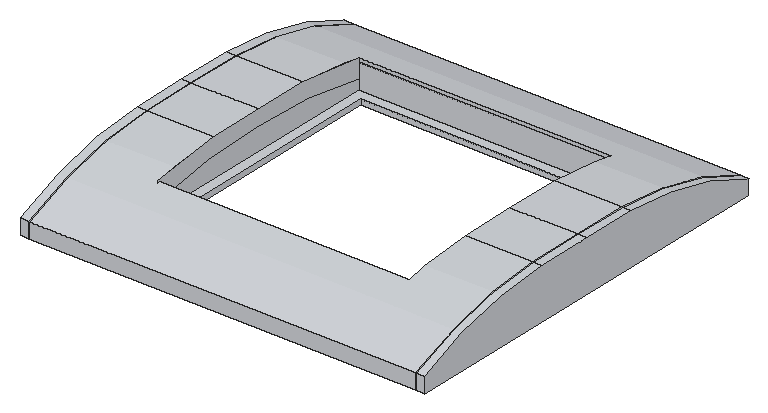
Revit family "Gira_0211334", category Electrical Fixtures, host Face, Revit 2017
Family settings
  Host = Face
  Maintain Annotation Orientation = No
  Round Connector Dimension = Use Diameter
  Part Type = Normal
  Cut with Voids When Loaded = No
  Shared = No
  Room Calculation Point = No
Parameters (values of type "Abdeckrahmen 1f Zwischenr. RW Gira Event Opak Weiß")
  Werkstoffgüte = "Thermoplast"
  Werkstoff = "Kunststoff"
  URL = "http://katalog.gira.de/de_DE/datenblatt.html?artikelnr=0211334"
  Transparent = "No"
  Textfeld/Beschriftungsfläche = "No"
  Schutzart (IP) = "IP20"
  Region = "DE"
  Oberfläche = "sonstige"
  Name = "Abdeckrahmen 1f Zwischenr. RW Gira Event Opak Weiß"
  Montagerichtung = "horizontal und vertikal"
  Mit Montagerahmen = "No"
  Mit Klappdeckel = "No"
  Manufacturer URL = "https://www.gira.de/"
  Keynote = "Event_Rahmen_1fach"
  HeinzeBIM = "https://bimportal.heinze.de/bim/abdeckrahmen-1f-zwischenr-rw-gira-event-opak-weiss/5f986ecaff8371896c5281f0db439a8f90d30bde"
  Halogenfrei = "Yes"
  HAN = "0211334"
  Geeignet für Unterputz-Installation = "Yes"
  Geeignet für Unterflurkanaldose = "No"
  Geeignet für Geräteeinbaukanal = "No"
  Geeignet für Einbauinstallation = "No"
  GTIN = "4010337074380"
  Farbe = "weiß"
  Default Elevation = 1219.2 mm
  Data sheet (1) = "https://katalog.gira.de/de_DE/download.html?artikelnr=0211334"
  Category = "Abdeckrahmen"
  Befestigungsart = "Klemmbefestigung"
  Available = "Yes"
  Anzahl der Einheiten vertikal = "1 "
  Anzahl der Einheiten horizontal = "1 "
  Anzahl der Einheiten = "1 "
Reference planes
  plane 1 "Center (Front/Back)": y = 0
  plane 2: z = 0
  plane 3 "Center (Left/Right)": x = 0
Forms (mm)
  Extrusion 1, solid, detail levels fine
    sketch origin (0, 0, 1.55) x (0, 1, 0) y (0, 0, 1)
      loop
        arc (12.445, 9.683) -> (6.223, 9.833) -> (0, 9.85) r 291.636
        arc (0, 9.85) -> (-6.223, 9.833) -> (-12.445, 9.683) r 291.636
        arc (-12.445, 9.683) -> (-29.14, 7.482) -> (-45, 1.823) r 79.728
        line (-45, 1.823) -> (-45, -1.55) -> (-41.777, -1.55) -> (-41.777, -0.55)
        arc (-41.777, -0.55) -> (-21.205, 4.846) -> (0, 6.467) r 118.15
        arc (0, 6.467) -> (21.205, 4.846) -> (41.777, -0.55) r 118.15
        line (41.777, -0.55) -> (41.777, -1.55) -> (45, -1.55) -> (45, 1.823)
        arc (45, 1.823) -> (29.14, 7.482) -> (12.445, 9.683) r 79.728
    from -43 to 43
  Extrusion 2, void, detail levels fine
    sketch origin (0, 0, 0) x (1, 0, 0) y (0, 1, 0)
      loop
        line (-28, -28) -> (28, -28) -> (28, 28) -> (-28, 28) -> (-28, -28)
    from 2.85 to 12
  Extrusion 3, solid, detail levels coarse
    sketch origin (0, 0, 0) x (1, 0, 0) y (0, 1, 0)
      loop
        line (-45, 45) -> (-45, -45) -> (45, -45) -> (45, 45) -> (-45, 45)
    from 0 to 11.4
  Extrusion 4, solid, detail levels medium
    sketch origin (0, 0, 1.55) x (0, 1, 0) y (0, 0, 1)
      loop
        arc (12.445, 9.683) -> (6.223, 9.833) -> (0, 9.85) r 291.636
        arc (0, 9.85) -> (-6.223, 9.833) -> (-12.445, 9.683) r 291.636
        arc (-12.445, 9.683) -> (-29.14, 7.482) -> (-45, 1.823) r 79.728
        line (-45, 1.823) -> (-45, -1.55) -> (45, -1.55) -> (45, 1.823)
        arc (45, 1.823) -> (29.14, 7.482) -> (12.445, 9.683) r 79.728
    from -45 to 45
  Extrusion 5, solid, detail levels fine
    sketch origin (0, 0, 0) x (0, 1, 0) y (0, 0, 1)
      loop
        arc (45, 3.373) -> (29.14, 9.032) -> (12.445, 11.233) r 79.728
        arc (12.445, 11.233) -> (6.223, 11.383) -> (0, 11.4) r 291.636
        arc (0, 11.4) -> (-6.223, 11.383) -> (-12.445, 11.233) r 291.636
        arc (-12.445, 11.233) -> (-29.14, 9.032) -> (-45, 3.373) r 79.728
        line (-45, 3.373) -> (-45, 0) -> (45, 0) -> (45, 3.373)
    from 43 to 45
  Extrusion 6, solid, detail levels fine
    sketch origin (0, 0, 0) x (0, 1, 0) y (0, 0, -1)
      loop
        line (45, -3.373) -> (45, 0) -> (-45, 0) -> (-45, -3.373)
        arc (-45, -3.373) -> (-29.14, -9.032) -> (-12.445, -11.233) r 79.728
        arc (-12.445, -11.233) -> (-6.223, -11.383) -> (0, -11.4) r 291.636
        arc (0, -11.4) -> (6.223, -11.383) -> (12.445, -11.233) r 291.636
        arc (12.445, -11.233) -> (29.14, -9.032) -> (45, -3.373) r 79.728
    from 43 to 45
  Extrusion 7, solid, detail levels fine
    sketch origin (0, 0, 0) x (1, 0, 0) y (0, 1, 0)
      loop
        line (-25.7, 25.7) -> (-25.7, -25.7) -> (25.7, -25.7) -> (25.7, 25.7) -> (-25.7, 25.7)
      loop
        line (-29.495, 27.895) -> (-29.495, -27.895)
        spline (-29.495, -27.895) -> (-29.486, -28.025) -> (-29.461, -28.154) -> (-29.419, -28.278) -> (-29.361, -28.395) -> (-29.288, -28.504) -> (-29.202, -28.602) -> (-29.104, -28.688) -> (-28.995, -28.761) -> (-28.878, -28.819) -> (-28.754, -28.861) -> (-28.625, -28.886) -> (-28.495, -28.895)
        line (-28.495, -28.895) -> (28.495, -28.895)
        spline (28.495, -28.895) -> (28.625, -28.886) -> (28.754, -28.861) -> (28.878, -28.819) -> (28.995, -28.761) -> (29.104, -28.688) -> (29.202, -28.602) -> (29.288, -28.504) -> (29.361, -28.395) -> (29.419, -28.278) -> (29.461, -28.154) -> (29.486, -28.025) -> (29.495, -27.895)
        line (29.495, -27.895) -> (29.495, 27.895)
        spline (29.495, 27.895) -> (29.486, 28.025) -> (29.461, 28.154) -> (29.419, 28.278) -> (29.361, 28.395) -> (29.288, 28.504) -> (29.202, 28.602) -> (29.104, 28.688) -> (28.995, 28.761) -> (28.878, 28.819) -> (28.754, 28.861) -> (28.625, 28.886) -> (28.495, 28.895)
        line (28.495, 28.895) -> (-28.495, 28.895)
        spline (-28.495, 28.895) -> (-28.625, 28.886) -> (-28.754, 28.861) -> (-28.878, 28.819) -> (-28.995, 28.761) -> (-29.104, 28.688) -> (-29.202, 28.602) -> (-29.288, 28.504) -> (-29.361, 28.395) -> (-29.419, 28.278) -> (-29.461, 28.154) -> (-29.486, 28.025) -> (-29.495, 27.895)
    from 1.673 to 8.5
Cuts and joins
  Extrusion 2 cuts Extrusion 1
  Extrusion 2 cuts Extrusion 7
Dimensions and locks
  aligned and locked: plane 2 to host face
  aligned and locked: level to host face
